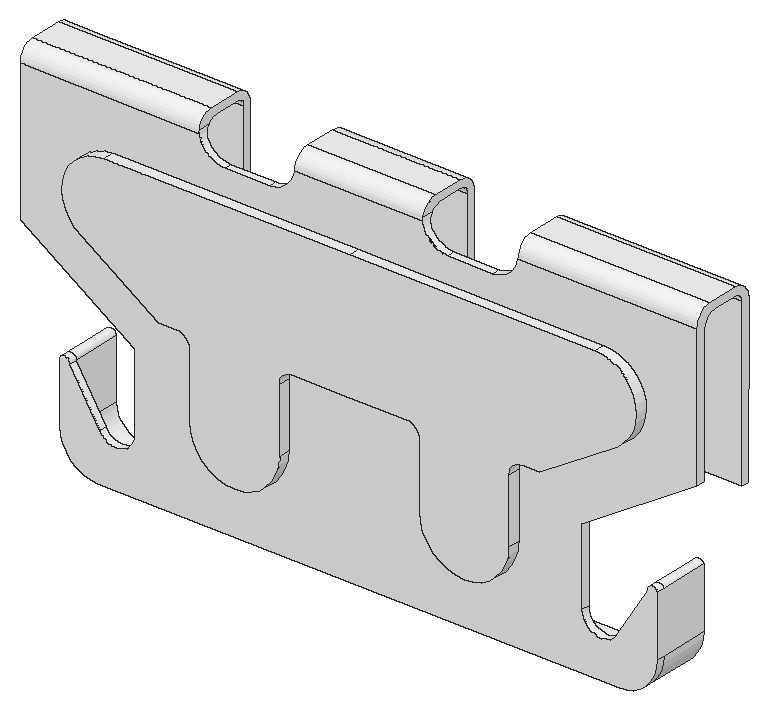
Revit family "wclip_20", category 機械設備, Revit 2022
Family settings
  丸型コネクタ寸法 = 直径を使用
  種別 = なし
  パーツ タイプ = 標準
  作業面ベース = いいえ
  常に垂直 = はい
  ロード時にボイドで切り取り = いいえ
  注釈の向きを維持 = いいえ
  共有 = いいえ
  部屋計算ポイント = いいえ
Parameters
  製造元 = "株式会社桐井製作所"
  既定の高さ = 0 mm
  URL = "https://www.kirii.co.jp/"
  K_品名 = "特殊20mmWクリップ"
  K_名称 = "特殊クリップ"
  K_入数 = "1000"
  K_バージョン情報 = "20211012"
Reference planes
  plane 1 "中心(正面/背面)": y = 0
  plane 2: z = 0
  plane 3 "中心(左/右)": x = 0
Forms (mm)
  Extrusion 1, solid
    sketch origin (0, 30, 0) x (0, 1, 0) y (0, 0, 1)
      loop
        line (-30, 0) -> (-29.4, -0.6) -> (-29.4, 26.75)
        arc (-29.4, 26.75) -> (-29.034, 27.634) -> (-28.15, 28) r 1.25
        line (-28.15, 28) -> (-26.25, 28)
        arc (-26.25, 28) -> (-25.79, 27.81) -> (-25.6, 27.35) r 0.65
        line (-25.6, 27.35) -> (-25.6, 13.75) -> (-25, 14.35) -> (-25, 27.35)
        arc (-25, 27.35) -> (-25.366, 28.234) -> (-26.25, 28.6) r 1.25
        line (-26.25, 28.6) -> (-28.75, 28.6)
        arc (-28.75, 28.6) -> (-29.634, 28.234) -> (-30, 27.35) r 1.25
        line (-30, 27.35) -> (-30, 0)
    from -26.5 to 26.5
  Extrusion 2, void
    sketch origin (0, 0, 0) x (1, 0, 0) y (0, 0, 1)
      loop
        line (26.5, 16.35) -> (17.5, 10.5) -> (17.5, 4.5)
        arc (17.5, 4.5) -> (18.602, 3.054) -> (20.289, 3.732) r 1.5
        line (20.289, 3.732) -> (22.6, 7.611)
        arc (22.6, 7.611) -> (22.933, 8.019) -> (23.4, 7.775) r 0.417
        line (23.4, 7.775) -> (23.4, 3)
        arc (23.4, 3) -> (22.521, 0.879) -> (20.4, 0) r 3
        line (20.4, 0) -> (26.5, 0) -> (26.5, 16.35)
      loop
        line (-26.5, 16.35) -> (-26.5, 0) -> (-20.4, 0)
        arc (-20.4, 0) -> (-22.521, 0.879) -> (-23.4, 3) r 3
        line (-23.4, 3) -> (-23.4, 7.775)
        arc (-23.4, 7.775) -> (-22.933, 8.019) -> (-22.6, 7.611) r 0.417
        line (-22.6, 7.611) -> (-20.289, 3.732)
        arc (-20.289, 3.732) -> (-18.602, 3.054) -> (-17.5, 4.5) r 1.5
        line (-17.5, 4.5) -> (-17.5, 10.5) -> (-26.5, 16.35)
    from -1.85 to 0.213
  Extrusion 3, void
    sketch origin (0, -0.6, -0.8) x (0, 1, 0) y (0, 0, 1)
      loop
        line (0.387, 0.8) -> (0.387, -0.064) -> (1.428, -0.064) -> (1.428, 0.8) -> (0.387, 0.8)
    from -27.5 to 27.5
  Extrusion 4, void
    sketch origin (-10.419, 0, -0.611) x (1, 0, 0) y (0, 0, 1)
      loop
        arc (-2.081, 28.211) -> (-1.495, 26.796) -> (-0.081, 26.211) r 2
        line (-0.081, 26.211) -> (3.419, 26.211)
        arc (3.419, 26.211) -> (4.833, 26.796) -> (5.419, 28.211) r 2
        line (5.419, 28.211) -> (5.419, 29.211) -> (-2.081, 29.211) -> (-2.081, 28.211)
    from -3.583 to 0.213
  Extrusion 5, void
    sketch origin (-10.5, 0, 0) x (1, 0, 0) y (0, 0, 1)
      loop
        line (5.5, 28.6) -> (-2, 28.6) -> (-2, 13.497) -> (5.5, 13.497) -> (5.5, 28.6)
    from -3.583 to -5.28
  Extrusion 6, void
    sketch origin (10.581, 0, -0.767) x (1, 0, 0) y (0, 0, 1)
      loop
        line (1.919, 28.367) -> (1.919, 29.367) -> (-5.581, 29.367) -> (-5.581, 28.367)
        arc (-5.581, 28.367) -> (-4.995, 26.953) -> (-3.581, 26.367) r 2
        line (-3.581, 26.367) -> (-0.081, 26.367)
        arc (-0.081, 26.367) -> (1.333, 26.953) -> (1.919, 28.367) r 2
    from -3.583 to 0.213
  Extrusion 7, void
    sketch origin (10.5, 0, 7.03) x (1, 0, 0) y (0, 0, 1)
      loop
        line (-5.5, 21.57) -> (-5.5, 6.468) -> (2, 6.468) -> (2, 21.57) -> (-5.5, 21.57)
    from -3.583 to -5.28
  Extrusion 8, void
    sketch origin (0, -11.6, -5.393) x (0, 1, 0) y (0, 0, 1)
      loop
        line (15.7, 19.745) -> (15.7, 18.89) -> (16.88, 18.89) -> (16.88, 19.745) -> (15.7, 19.745)
    from -26.5 to 26.5
  Extrusion 9, solid
    sketch origin (0, 0, 0) x (1, 0, 0) y (0, 0, 1)
      loop
        arc (-19.208, 23.6) -> (-22.364, 21.243) -> (-21.002, 17.547) r 3.292
        line (-21.002, 17.547) -> (-14.93, 13.6) -> (-13.5, 13.6)
        arc (-13.5, 13.6) -> (-12.793, 13.307) -> (-12.5, 12.6) r 1
        line (-12.5, 12.6) -> (-12.5, 7.5)
        arc (-12.5, 7.5) -> (-11.475, 5.025) -> (-9, 4) r 3.5
        arc (-9, 4) -> (-6.525, 5.025) -> (-5.5, 7.5) r 3.5
        line (-5.5, 7.5) -> (-5.5, 12.6)
        arc (-5.5, 12.6) -> (-5.207, 13.307) -> (-4.5, 13.6) r 1
        line (-4.5, 13.6) -> (0, 13.6) -> (4.5, 13.6)
        arc (4.5, 13.6) -> (5.207, 13.307) -> (5.5, 12.6) r 1
        line (5.5, 12.6) -> (5.5, 7.5)
        arc (5.5, 7.5) -> (6.525, 5.025) -> (9, 4) r 3.5
        arc (9, 4) -> (11.475, 5.025) -> (12.5, 7.5) r 3.5
        line (12.5, 7.5) -> (12.5, 12.6)
        arc (12.5, 12.6) -> (12.793, 13.307) -> (13.5, 13.6) r 1
        line (13.5, 13.6) -> (14.93, 13.6) -> (21.002, 17.547)
        arc (21.002, 17.547) -> (22.364, 21.243) -> (19.208, 23.6) r 3.292
        line (19.208, 23.6) -> (0, 23.6) -> (-19.208, 23.6)
    from 0 to 0.9
  Extrusion 10, solid
    sketch origin (0, 0, 0) x (1, 0, 0) y (0, 0, 1)
      loop
        arc (-23.4, 3) -> (-22.521, 0.879) -> (-20.4, 0) r 3
        line (-20.4, 0) -> (20.4, 0)
        arc (20.4, 0) -> (22.521, 0.879) -> (23.4, 3) r 3
        line (23.4, 3) -> (23.4, 7.775)
        arc (23.4, 7.775) -> (22.933, 8.019) -> (22.6, 7.611) r 0.417
        line (22.6, 7.611) -> (22.6, 3)
        arc (22.6, 3) -> (21.956, 1.444) -> (20.4, 0.8) r 2.2
        line (20.4, 0.8) -> (-20.4, 0.8)
        arc (-20.4, 0.8) -> (-21.956, 1.444) -> (-22.6, 3) r 2.2
        line (-22.6, 3) -> (-22.6, 7.611)
        arc (-22.6, 7.611) -> (-22.933, 8.019) -> (-23.4, 7.775) r 0.417
        line (-23.4, 7.775) -> (-23.4, 3)
    from -4.5 to -0.6
Cuts and joins
  Extrusion 2, Extrusion 3, Extrusion 4, Extrusion 5, Extrusion 6, Extrusion 7, Extrusion 8 cuts Extrusion 1
  joined: Extrusion 1, Extrusion 9, Extrusion 10
Dimensions and locks
  aligned and locked: level to plane 2
